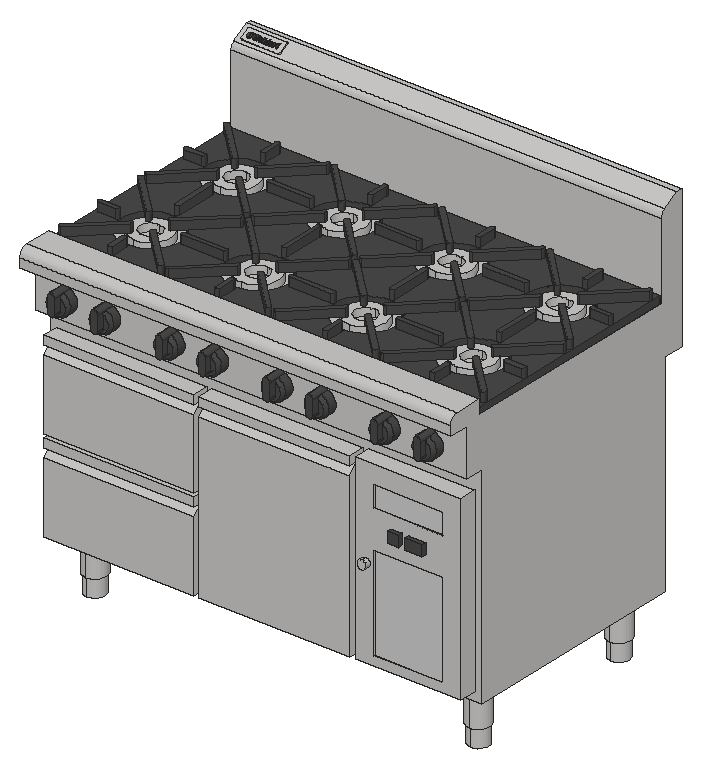
Revit family "QF_MOFFAT WALDORF_RN8800G-RB", category Specialty Equipment, Revit 2012 (continued)
Definition of nested family "WALDORF LOGO_FACE BASE"
  Forms (mm)
    Extrusion 3, solid, material "QF_Finishes_Black", visible <- "Show Logo"
      sketch origin (0, -33.217, 1.588) x (1, 0, 0) y (0, 1, 0)
        loop
          line (90.249, 21.118) -> (90.249, 19.813)
        loop
          arc (15.241, 23.571) -> (8.392, 16.525) -> (15.241, 9.479) r 7.049
          line (15.241, 9.479) -> (15.241, 23.571)
        loop
          line (15.641, 23.571) -> (15.641, 9.479)
          arc (15.641, 9.479) -> (22.49, 16.525) -> (15.641, 23.571) r 7.049
        loop
          arc (47.922, 14.711) -> (46.266, 13.749) -> (47.922, 12.787) r 1.107
          line (47.922, 12.787) -> (47.922, 14.711)
      from 0 to 0.2
  Dimensions and locks
    aligned and locked: plane 2 to Extrusion 1
    aligned and locked: level to Extrusion 1
Definition of nested family "RN8800G-RB-CASTERS"
  Parameters (values of type "BTL8450-CB-CASTERS")
    Weight = ""
    URL Manufacturer = ""
    URL Cutsheet = ""
    URL = ""
    Type Mark [instance] = ""
    Status [instance] = ""
    Specification by User [instance] = ""
    Specification by Manufacturer = ""
    Show Casters [instance] = no
    Serial Number = ""
    Seismic Rating = ""
    SMACNA No = ""
    Revision Code [instance] = ""
    Omniclass Number and Title = ""
    NAFEM Spec ID Number = ""
    Model = ""
    MasterSpec. = ""
    Manufacturer = ""
    Item Number [instance] = ""
    Installed By [instance] = ""
    Identify Quantity as Lot [instance] = yes
    Furnished By [instance] = ""
    Foodservice Equipment Identifier [instance] = yes
    Description = ""
    CSI MasterFormat = ""
    CSI Master Format = ""
    Assembly Code = ""
  Reference planes
    plane 1: z = 0
    plane 2 "RIGHT": x = 0
    plane 3 "FRONT": y = 0
    plane 4 "TOP": z = 177.8
  Forms (mm)
    Revolve 1, solid, material "QF_Finishes_Stainless Steel", visible <- "Show Casters"
      sketch origin (0, 56.335, 0) x (0, 1, 0) y (0, 0, 1)
        loop
          line (-56.335, 152.4) -> (-56.335, 141.118) -> (-23.798, 141.118) -> (-23.798, 152.4) -> (-56.335, 152.4)
        axis (-56.335, 141.118) -> (-56.335, 152.4)
      angle from 0 to 360
    Extrusion 2, solid, material "QF_Finishes_Stainless Steel", visible <- "Show Casters"
      sketch origin (-46.049, 56.335, 0) x (0, 1, 0) y (0, 0, 1)
        loop
          line (-85.799, 141.118) -> (-85.799, 133.498) -> (-82.136, 133.498)
          arc (-82.136, 133.498) -> (-79.344, 132.328) -> (-77.146, 130.248) r 8.432
          line (-77.146, 130.248) -> (-39.502, 49.52)
          arc (-39.502, 49.52) -> (-13.784, 46.107) -> (-5.673, 70.75) r 20.32
          arc (-5.673, 70.75) -> (-7.065, 73.611) -> (-8.887, 76.22) r 20.32
          arc (-8.887, 76.22) -> (-9.399, 85.377) -> (-6.626, 94.119) r 25.4
          line (-6.626, 94.119) -> (8.003, 121.632)
          arc (8.003, 121.632) -> (-2.347, 126.31) -> (-13.34, 129.167) r 66.802
          line (-13.34, 129.167) -> (-13.765, 133.498) -> (-26.871, 133.498) -> (-26.871, 141.118) -> (-85.799, 141.118)
      from 20.058 to 22.923
    Extrusion 3, solid, material "QF_Finishes_Stainless Steel", visible <- "Show Casters"
      sketch origin (3.326, 56.335, 0) x (0, 1, 0) y (0, 0, 1)
        loop
          line (-85.799, 141.118) -> (-85.799, 133.498) -> (-82.136, 133.498)
          arc (-82.136, 133.498) -> (-79.344, 132.328) -> (-77.146, 130.248) r 8.432
          line (-77.146, 130.248) -> (-39.502, 49.52)
          arc (-39.502, 49.52) -> (-13.784, 46.107) -> (-5.673, 70.75) r 20.32
          arc (-5.673, 70.75) -> (-7.065, 73.611) -> (-8.887, 76.22) r 20.32
          arc (-8.887, 76.22) -> (-9.399, 85.377) -> (-6.626, 94.119) r 25.4
          line (-6.626, 94.119) -> (8.003, 121.632)
          arc (8.003, 121.632) -> (-2.347, 126.31) -> (-13.34, 129.167) r 66.802
          line (-13.34, 129.167) -> (-13.765, 133.498) -> (-26.871, 133.498) -> (-26.871, 141.118) -> (-85.799, 141.118)
      from 20.058 to 22.923
    Extrusion 4, solid, material "QF_Finishes_Stainless Steel", visible <- "Show Casters"
      sketch origin (-49.224, 56.335, 0) x (0, 1, 0) y (0, 0, 1)
        loop
          line (-85.799, 141.118) -> (-85.799, 133.498) -> (-82.136, 133.498) -> (-18.877, 127.964) -> (7.14, 120.01) -> (8.003, 121.632)
          arc (8.003, 121.632) -> (-2.347, 126.31) -> (-13.34, 129.167) r 66.802
          line (-13.34, 129.167) -> (-13.765, 133.498) -> (-26.871, 133.498) -> (-26.871, 141.118) -> (-85.799, 141.118)
      from 26.098 to 72.56
    Revolve 5, solid, material "QF_Finishes_Stainless Steel", visible <- "Show Casters"
      sketch origin (-49.224, 30.821, 0) x (1, 0, 0) y (0, 0, 1)
        loop
          line (14.841, 63.604) -> (83.584, 63.604) -> (83.584, 67.109) -> (82.314, 68.379) -> (80.79, 68.379) -> (80.79, 71.826) -> (68.644, 71.826) -> (68.644, 81.79) -> (65.088, 83.843) -> (61.683, 104.879) -> (65.881, 104.879) -> (65.881, 111.229) -> (65.088, 111.229) -> (65.088, 117.579)
          arc (65.088, 117.579) -> (62.298, 124.314) -> (55.563, 127.104) r 9.525
          line (55.563, 127.104) -> (42.863, 127.104)
          arc (42.863, 127.104) -> (36.127, 124.314) -> (33.338, 117.579) r 9.525
          line (33.338, 117.579) -> (33.338, 111.229) -> (32.544, 111.229) -> (32.544, 104.879) -> (36.742, 104.879) -> (33.352, 83.932) -> (29.782, 81.871) -> (29.782, 71.826) -> (17.635, 71.826) -> (17.635, 68.379) -> (16.111, 68.379) -> (14.841, 67.109) -> (14.841, 63.604)
        axis (14.841, 63.604) -> (83.584, 63.604)
      angle from 0 to 360
  Cuts and joins
    joined: Extrusion 2, Extrusion 3, Extrusion 4
  Lines and regions (mm)
    symbolic lines, style "SpecialityEquipmentHiddenLines", visible <- "Show Casters"
      curve 1: line (18.009, 67.053, 0) -> (45.595, 51.127, 0)
      curve 2: line (-45.491, -42.932, 0) -> (18.009, 67.053, 0)
      curve 3: line (-17.905, -58.859, 0) -> (-45.491, -42.932, 0)
      curve 4: line (45.595, 51.127, 0) -> (-17.905, -58.859, 0)
  Dimensions and locks
    plane 4 "TOP" to level = 177.8 mm  (x2)
    Revolve 5 sketch curve to Revolve 5 sketch curve = 63.5 mm
    aligned and locked: level to plane 1
